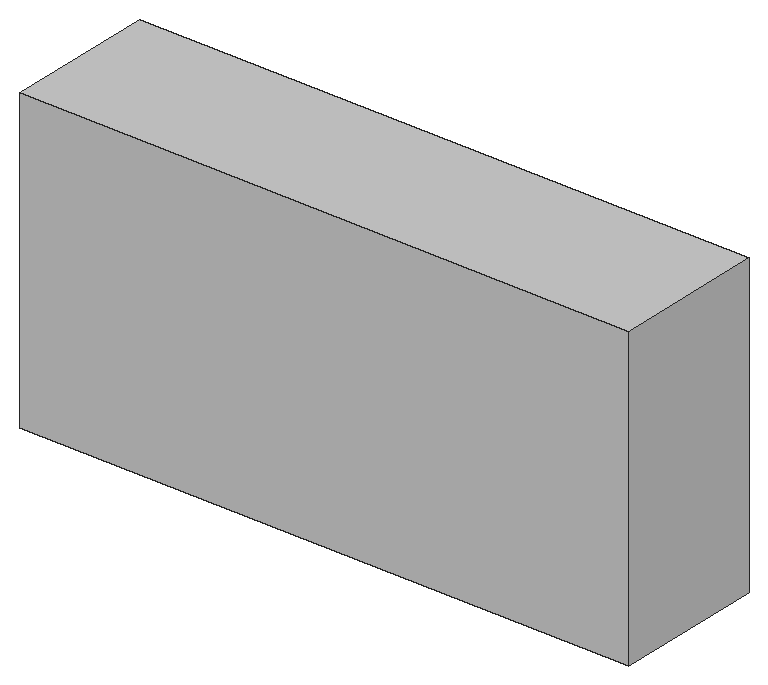
Revit family "0a4a4c36dc284199a6b3bf9df75d2997", category 结构框架, Revit 2021
Family settings
  显示在隐藏视图中 = 被其他构件隐藏的边缘
  结构框架长度舍入 = 1 mm
  横断面形状 = 未定义
  用于模型行为的材质 = 混凝土
  始终导出为几何图形 = 否
  总是垂直 = 是
  加载时剪切的空心 = 否
  符号表示法 = 从族
  共享 = 否
  在平面视图中显示族的预剪切 = 是
Parameters (values of type "300 x 600mm")
  Structural Material [instance] = 混凝土 - 现场浇注混凝土
  Assembly Code = ""
  Length [instance] = 1524 mm
  b = 300 mm
  h = 600 mm
Types (3, lengths in mm): name | Structural Material | b | h
  (no name) | 混凝土 - 现场浇注混凝土 | 300 | 600
  400 x 800mm | none | 400 | 800
  300 x 600mm | 混凝土 - 现场浇注混凝土 | 300 | 600
Reference planes
  plane 1 "中心(前/后)": y = 0
  plane 2: z = 0
  plane 3 "中心(左/右)": x = 4.61
  plane 4 "左构件": x = -604.99
  plane 5 "右构件": x = 614.21
  plane 6: y = 150
  plane 7: y = -150
  plane 8: z = 300
  plane 9 "底": z = -300
  plane 10 "左": x = -757.39
  plane 11 "右": x = 766.61
Forms (mm)
  Sweep 1, solid, material "混凝土 - 现场浇注混凝土" <- "Structural Material"
    path origin (0, 0, 0) x (1, 0, 0) y (0, 1, 0)
      loop
        line (614.21, 0) -> (-604.99, 0)
    profile "M_矩形梁 - 轮廓 : M_矩形梁 - 轮廓" origin (4.61, 0, 0) x (0, -1, 0) y (0, 0, 1)
      loop
        line (-150, -300) -> (150, -300) -> (150, 300) -> (-150, 300) -> (-150, -300)
Dimensions and locks
  "b": plane 6 to plane 7
  equal spacing: plane 9 "底", plane 2, plane 8
  equal spacing: plane 6, plane 1 "中心(前/后)", plane 7
  "h": plane 9 "底" to plane 8
  "Length": plane 10 "左" to plane 11 "右"
  aligned and locked: Sweep 1 sketch curve to plane 1 "中心(前/后)"
  aligned and locked: plane 4 "左构件" to Sweep 1 sketch curve
  aligned and locked: plane 5 "右构件" to Sweep 1 sketch curve
